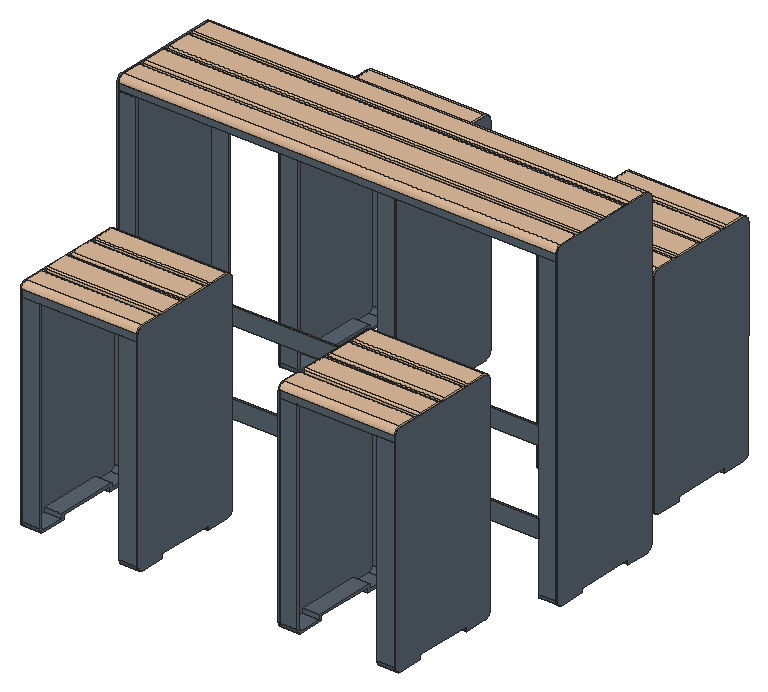
Revit family "Indre By 61120-S-L", category Meble, Revit 2021
Family settings
  Numer OmniClass = 23.40.20.00
  Tytuł OmniClass = General Furniture and Specialties
  Oparty na płaszczyźnie roboczej = Nie
  Zawsze pionowo = Tak
  Tnij formami wycięć po wczytaniu = Nie
  Współdzielony = Nie
  Punkt obliczania pomieszczeń = Nie
Parameters (values of type "61111-S-L")
  wood = Kobenhagen Wood - Larch
  metal = Kobenhagen RAL 5011
  Width = "150 cm"
  Weight = "180 kg"
  URL = "https://kobenhagen.com/en_US/p/Indre-By-Bar-Set/221"
  Seat hight = "75 cm"
  Product line = "Indre By"
  Product Groups = "Sets"
  Producent = "Lars Laj"
  Keynote = ""
  Opis = "Indre By Bar Set"
  Model = "61120-S-L"
  Material = "Larch, stainless steel, powder coated steel"
  Maintenance = "We recommend to examine and tighten all screws and bolt clamps after a few weeks’ use. In order to prevent cracks and to extend the life of the wood, it is recommended that the wood details should be oiled every 3-5 years."
  Lenght = "150 cm"
  Type Comments = ""
  Kobenhagen Materials = "larslaj.com/bim"
  Hosted on larslaj.com = "https://larslaj.com/bim"
  Height = "110 cm"
  Domyślna rzędna = 0 mm
  Copyright = "All designs and drawings are the intellectual property of Lars Laj A/S and are protected by Danish and international copyright laws."
Reference planes
  plane 1 "front": y = 0
  plane 2: z = 0
  plane 3 "Środek (Lewa/Prawa)": x = 0
  plane 4 "left": x = -745.625
  plane 5 "right": x = 745.938
  plane 6 "back": y = 400
  plane 7: x = -685.625
  plane 8: x = 685.937
  plane 9: z = 1057.23
Forms (mm)
  Extrusion 1, solid, material "Kobenhagen Wood - Larch" <- "wood"
    sketch origin (0, -51.281, 670.21) x (0, 1, 0) y (0, 0, 1)
      loop
        arc (263.304, 429.703) -> (259.768, 428.239) -> (258.304, 424.703) r 5
        line (258.304, 424.703) -> (258.304, 388.972)
        arc (258.304, 388.972) -> (258.878, 387.586) -> (260.264, 387.012) r 1.96
        line (260.264, 387.012) -> (346.304, 387.012)
        arc (346.304, 387.012) -> (347.718, 387.598) -> (348.304, 389.012) r 2
        line (348.304, 389.012) -> (348.304, 424.703)
        arc (348.304, 424.703) -> (346.839, 428.239) -> (343.304, 429.703) r 5
        line (343.304, 429.703) -> (263.304, 429.703)
    from -745.625 to 745.937
  Extrusion 2, solid, material "Kobenhagen Wood - Larch" <- "wood"
    sketch origin (0, -153.73, 670.21) x (0, 1, 0) y (0, 0, 1)
      loop
        arc (263.253, 429.703) -> (259.718, 428.239) -> (258.253, 424.703) r 5
        line (258.253, 424.703) -> (258.253, 388.972)
        arc (258.253, 388.972) -> (258.827, 387.586) -> (260.213, 387.012) r 1.96
        line (260.213, 387.012) -> (346.253, 387.012)
        arc (346.253, 387.012) -> (347.668, 387.598) -> (348.253, 389.012) r 2
        line (348.253, 389.012) -> (348.253, 424.703)
        arc (348.253, 424.703) -> (346.789, 428.239) -> (343.253, 429.703) r 5
        line (343.253, 429.703) -> (263.253, 429.703)
    from -745.625 to 745.937
  Extrusion 3, solid, material "Kobenhagen Wood - Larch" <- "wood"
    sketch origin (0, -256.23, 670.21) x (0, 1, 0) y (0, 0, 1)
      loop
        arc (275.801, 429.704) -> (261.616, 423.828) -> (255.74, 409.642) r 20.061
        line (255.74, 409.642) -> (258.916, 409.642) -> (258.916, 387.013) -> (343.754, 387.013)
        arc (343.754, 387.013) -> (345.168, 387.598) -> (345.753, 389.012) r 1.999
        line (345.753, 389.012) -> (345.753, 424.706)
        arc (345.753, 424.706) -> (344.29, 428.24) -> (340.756, 429.704) r 4.998
        line (340.756, 429.704) -> (275.801, 429.704)
    from -745.625 to 745.937
  Extrusion 4, solid, material "Kobenhagen RAL 5011" <- "metal", not visible
    sketch origin (0, 0, 0) x (0, 1, 0) y (0, 0, 1)
      loop
        arc (71.187, 451.5) -> (57.045, 445.642) -> (51.187, 431.5) r 20
        line (51.187, 431.5) -> (51.187, 18.231)
        arc (51.187, 18.231) -> (56.527, 5.34) -> (69.418, 0) r 18.231
        line (69.418, 0) -> (153.638, 0) -> (153.638, 15) -> (448.638, 15) -> (448.638, 0) -> (527.023, 0)
        arc (527.023, 0) -> (542.307, 6.331) -> (548.638, 21.615) r 21.615
        line (548.638, 21.615) -> (548.638, 429.407)
        arc (548.638, 429.407) -> (542.168, 445.029) -> (526.545, 451.5) r 22.093
        line (526.545, 451.5) -> (71.187, 451.5)
    from 750.378 to 745
  Extrusion 5, solid, material "Kobenhagen RAL 5011" <- "metal", not visible
    sketch origin (0, 0, 0) x (0, 1, 0) y (0, 0, 1)
      loop
        line (548.638, 396.844) -> (629.375, 854.725) -> (601.836, 859.581)
        arc (601.836, 859.581) -> (585.224, 855.898) -> (576.082, 841.547) r 22.232
        line (576.082, 841.547) -> (507.306, 451.5) -> (526.545, 451.5)
        arc (526.545, 451.5) -> (542.168, 445.029) -> (548.638, 429.407) r 22.093
        line (548.638, 429.407) -> (548.638, 396.844)
    from 745 to 750.378
  Extrusion 6, solid, material "Kobenhagen RAL 5011" <- "metal"
    sketch origin (0, -51.25, 0) x (0, -1, 0) y (0, 0, 1)
      loop
        line (-71.187, 1099.913) -> (-429.045, 1099.913)
        arc (-429.045, 1099.913) -> (-444.668, 1093.442) -> (-451.138, 1077.82) r 22.093
        line (-451.138, 1077.82) -> (-451.138, 21.615)
        arc (-451.138, 21.615) -> (-444.807, 6.331) -> (-429.523, 0) r 21.615
        line (-429.523, 0) -> (-351.138, 0) -> (-351.138, 15) -> (-153.638, 15) -> (-153.638, 0) -> (-69.418, 0)
        arc (-69.418, 0) -> (-56.527, 5.34) -> (-51.187, 18.231) r 18.231
        line (-51.187, 18.231) -> (-51.187, 1079.913)
        arc (-51.187, 1079.913) -> (-57.045, 1094.055) -> (-71.187, 1099.913) r 20
    from 750.725 to 745.625
  Extrusion 7, solid, material "Kobenhagen RAL 5011" <- "metal"
    sketch origin (0, -51.25, 0) x (0, 1, 0) y (0, 0, 1)
      loop
        line (451.138, 23.296) -> (451.138, 1054.5) -> (51.187, 1054.5) -> (51.187, 18.763)
        arc (51.187, 18.763) -> (56.683, 5.495) -> (69.95, 0) r 18.763
        line (69.95, 0) -> (153.638, 0) -> (153.638, 15) -> (351.138, 15) -> (351.138, 0) -> (427.842, 0)
        arc (427.842, 0) -> (444.315, 6.823) -> (451.138, 23.296) r 23.296
      loop
        line (58.687, 1048.5) -> (58.687, 18.763)
        arc (58.687, 18.763) -> (61.986, 10.799) -> (69.95, 7.5) r 11.263
        line (69.95, 7.5) -> (146.138, 7.5) -> (146.138, 22.5) -> (358.638, 22.5) -> (358.638, 7.5) -> (427.842, 7.5)
        arc (427.842, 7.5) -> (439.012, 12.127) -> (443.638, 23.296) r 15.796
        line (443.638, 23.296) -> (443.638, 1048.5) -> (58.687, 1048.5)
    from -745.625 to -685.625
  Extrusion 8, solid, material "Kobenhagen RAL 5011" <- "metal"
    sketch origin (0, -51.25, 648.75) x (0, 1, 0) y (0, 0, 1)
      loop
        line (53.936, 431.102) -> (51.187, 431.102) -> (51.187, 407.787) -> (53.936, 407.787) -> (53.936, 431.102)
    from -745.625 to 745.937
  Extrusion 9, solid, material "Kobenhagen Wood - Larch" <- "wood"
    sketch origin (0, 655.254, 670.21) x (0, -1, 0) y (0, 0, -1)
      loop
        line (275.801, -429.704) -> (340.733, -429.704)
        arc (340.733, -429.704) -> (344.267, -428.24) -> (345.731, -424.706) r 4.998
        line (345.731, -424.706) -> (345.731, -389.012)
        arc (345.731, -389.012) -> (345.145, -387.598) -> (343.731, -387.013) r 1.999
        line (343.731, -387.013) -> (258.705, -387.013) -> (258.705, -409.642) -> (255.74, -409.642)
        arc (255.74, -409.642) -> (261.616, -423.828) -> (275.801, -429.704) r 20.061
    from -745.625 to 745.938
  Extrusion 10, solid, material "Kobenhagen RAL 5011" <- "metal"
    sketch origin (0, 450.485, 648.75) x (0, -1, 0) y (0, 0, -1)
      loop
        line (53.936, -431.102) -> (53.936, -407.787) -> (51.187, -407.787) -> (51.187, -431.102) -> (53.936, -431.102)
    from -745.625 to 745.938
  Extrusion 11, solid, material "Kobenhagen RAL 5011" <- "metal"
    sketch origin (0, 392.5, 0) x (1, 0, 0) y (0, 1, 0)
      loop
        line (-685.625, 7.437) -> (-685.625, -0.063) -> (685.937, -0.063) -> (685.937, 7.437) -> (-685.625, 7.437)
    from 189.995 to 249.995
  Extrusion 12, solid, material "Kobenhagen RAL 5011" <- "metal"
    sketch origin (0, -51.25, 0) x (0, -1, 0) y (0, 0, -1)
      loop
        arc (-71.187, -1099.913) -> (-57.045, -1094.055) -> (-51.187, -1079.913) r 20
        line (-51.187, -1079.913) -> (-51.187, -18.231)
        arc (-51.187, -18.231) -> (-56.527, -5.34) -> (-69.418, 0) r 18.231
        line (-69.418, 0) -> (-153.638, 0) -> (-153.638, -15) -> (-351.138, -15) -> (-351.138, 0) -> (-429.523, 0)
        arc (-429.523, 0) -> (-444.807, -6.331) -> (-451.138, -21.615) r 21.615
        line (-451.138, -21.615) -> (-451.138, -1077.82)
        arc (-451.138, -1077.82) -> (-444.668, -1093.442) -> (-429.045, -1099.913) r 22.093
        line (-429.045, -1099.913) -> (-71.187, -1099.913)
    from 750.725 to 745.625
  Extrusion 13, solid, material "Kobenhagen RAL 5011" <- "metal"
    sketch origin (0, -51.25, 0) x (0, 1, 0) y (0, 0, -1)
      loop
        arc (451.138, -23.296) -> (444.315, -6.823) -> (427.842, 0) r 23.296
        line (427.842, 0) -> (351.138, 0) -> (351.138, -15) -> (153.638, -15) -> (153.638, 0) -> (69.95, 0)
        arc (69.95, 0) -> (56.683, -5.495) -> (51.187, -18.763) r 18.763
        line (51.187, -18.763) -> (51.187, -1054.5) -> (451.138, -1054.5) -> (451.138, -23.296)
      loop
        line (58.687, -1048.5) -> (443.638, -1048.5) -> (443.638, -23.296)
        arc (443.638, -23.296) -> (439.012, -12.127) -> (427.842, -7.5) r 15.796
        line (427.842, -7.5) -> (358.638, -7.5) -> (358.638, -22.5) -> (146.138, -22.5) -> (146.138, -7.5) -> (69.95, -7.5)
        arc (69.95, -7.5) -> (61.986, -10.799) -> (58.687, -18.763) r 11.263
        line (58.687, -18.763) -> (58.687, -1048.5)
    from -745.625 to -685.625
  Extrusion 14, solid, material "Kobenhagen RAL 5011" <- "metal"
    sketch origin (0, 0, 0) x (1, 0, 0) y (0, 1, 0)
      loop
        line (-685.625, 7.437) -> (-685.625, -0.063) -> (685.937, -0.063) -> (685.937, 7.437) -> (-685.625, 7.437)
    from 189.995 to 249.995
Lines and regions (mm)
  model lines, style "9"
    curve 1: line (264.233, -99.489, 0) -> (264.233, -93.489, 0)
    curve 2: line (264.233, -399.489, 0) -> (264.233, -405.489, 0)
    curve 3: line (-304.767, -99.489, 0) -> (-304.767, -93.489, 0)
    curve 4: line (-304.767, -399.489, 0) -> (-304.767, -405.489, 0)
    curve 5: line (-281.767, -99.489, 0) -> (-281.767, -93.489, 0)
    curve 6: line (-281.767, -399.489, 0) -> (-281.767, -405.489, 0)
    curve 9: line (0, -245.5, 21) -> (0, -239.5, 21)
    curve 10: line (0, -445.5, 21) -> (0, -451.5, 21)
  model lines, style "8"
    curve 7: line (0, -170.5, 1054) -> (0, -158, 1054)
    curve 8: line (0, -170.5, 1054) -> (0, -158, 1054)
Dimensions and locks
  Extrusion 1 sketch curve to Extrusion 1 sketch curve = 90 mm
  Extrusion 1 sketch curve to Extrusion 1 sketch curve = 42.691 mm
  Extrusion 2 sketch curve to Extrusion 2 sketch curve = 90 mm
  Extrusion 2 sketch curve to Extrusion 2 sketch curve = 42.691 mm
  Extrusion 3 sketch curve to Extrusion 3 sketch curve = 42.691 mm
  Extrusion 9 sketch curve to Extrusion 9 sketch curve = 42.691 mm
  plane 6 "back" to plane 1 "front" = 400 mm
  aligned and locked: level to plane 2
  aligned and locked: plane 5 "right" to Extrusion 1
  aligned and locked: Extrusion 1 to plane 4 "left"
  aligned and locked: plane 5 "right" to Extrusion 2
  aligned and locked: plane 5 "right" to Extrusion 3
  aligned and locked: Extrusion 2 to plane 4 "left"
  aligned and locked: Extrusion 3 to plane 4 "left"
  aligned and locked: plane 4 "left" to Extrusion 6
  aligned and locked: Extrusion 7 to plane 4 "left"
  aligned and locked: plane 7 to Extrusion 7
  aligned and locked: Extrusion 8 to plane 4 "left"
  aligned and locked: plane 5 "right" to Extrusion 8
  aligned and locked: plane 5 "right" to Extrusion 9
  aligned and locked: Extrusion 10 to plane 4 "left"
  aligned and locked: plane 5 "right" to Extrusion 10
  aligned and locked: Extrusion 11 to plane 8
Nested families
  nested 1: "product code 61110-S-L" at (-439.685, -550.427, 0), type "61110-S-L"
  nested 2: "product code 61110-S-L" at (439.685, -550.427, 0), type "61110-S-L"
  nested 3: "product code 61110-S-L" at (439.685, 550.427, 0), type "61110-S-L"
  nested 4: "product code 61110-S-L" at (-439.685, 550.427, 0), type "61110-S-L"
Definition of nested family "product code 61110-S-L"
  Parameters (values of type "61110-S-L")
    wood = none
    metal = none
    Width = "40 cm"
    Weight = "30 kg"
    URL = "https://kobenhagen.com/en_US/p/Indre-By-Bar-Stool/211"
    Product line = "Indre By"
    Product Groups = "Stools"
    Manufacturer = "Lars Laj"
    Keynote = ""
    Description = "Indre By Bar Stool"
    Model = "61110-S-L"
    Material = "Larch, stainless steel, powder coated steel"
    Maintenance = "We recommend to examine and tighten all screws and bolt clamps after a few weeks’ use. In order to prevent cracks and to extend the life of the wood, it is recommended that the wood details should be oiled every 3-5 years."
    Lenght = "40 cm"
    Type Comments = ""
    Kobenhagen Materials = "larslaj.com/bim"
    Hosted on larslaj.com = "https://larslaj.com/bim"
    Height = "75 cm"
    Default Elevation = 0 mm
    Copyright = "All designs and drawings are the intellectual property of Lars Laj A/S and are protected by Danish and international copyright laws."
  Reference planes
    plane 1 "front": y = 0
    plane 2: z = 0
    plane 3 "Środek (Lewa/Prawa)": x = 0
    plane 4 "left": x = -196.25
    plane 5 "right": x = 195.938
    plane 6 "back": y = 400
    plane 7: x = -136.25
    plane 8: x = 135.937
    plane 9: z = 706.5
  Forms (mm)
    Extrusion 1, solid, material <- "wood"
      sketch origin (0, -51.281, 318.96) x (0, 1, 0) y (0, 0, 1)
        loop
          arc (263.304, 429.703) -> (259.768, 428.239) -> (258.304, 424.703) r 5
          line (258.304, 424.703) -> (258.304, 388.972)
          arc (258.304, 388.972) -> (258.878, 387.586) -> (260.264, 387.012) r 1.96
          line (260.264, 387.012) -> (346.304, 387.012)
          arc (346.304, 387.012) -> (347.718, 387.598) -> (348.304, 389.012) r 2
          line (348.304, 389.012) -> (348.304, 424.703)
          arc (348.304, 424.703) -> (346.839, 428.239) -> (343.304, 429.703) r 5
          line (343.304, 429.703) -> (263.304, 429.703)
      from -196.25 to 195.937
    Extrusion 2, solid, material <- "wood"
      sketch origin (0, -153.73, 318.96) x (0, 1, 0) y (0, 0, 1)
        loop
          arc (263.253, 429.703) -> (259.718, 428.239) -> (258.253, 424.703) r 5
          line (258.253, 424.703) -> (258.253, 388.972)
          arc (258.253, 388.972) -> (258.827, 387.586) -> (260.213, 387.012) r 1.96
          line (260.213, 387.012) -> (346.253, 387.012)
          arc (346.253, 387.012) -> (347.668, 387.598) -> (348.253, 389.012) r 2
          line (348.253, 389.012) -> (348.253, 424.703)
          arc (348.253, 424.703) -> (346.789, 428.239) -> (343.253, 429.703) r 5
          line (343.253, 429.703) -> (263.253, 429.703)
      from -196.25 to 195.937
    Extrusion 3, solid, material <- "wood"
      sketch origin (0, -256.23, 318.96) x (0, 1, 0) y (0, 0, 1)
        loop
          arc (275.801, 429.704) -> (261.616, 423.828) -> (255.74, 409.642) r 20.061
          line (255.74, 409.642) -> (258.916, 409.642) -> (258.916, 387.013) -> (343.754, 387.013)
          arc (343.754, 387.013) -> (345.168, 387.598) -> (345.753, 389.012) r 1.999
          line (345.753, 389.012) -> (345.753, 424.706)
          arc (345.753, 424.706) -> (344.29, 428.24) -> (340.756, 429.704) r 4.998
          line (340.756, 429.704) -> (275.801, 429.704)
      from -196.25 to 195.937
    Extrusion 4, solid, material <- "metal", not visible
      sketch origin (0, 0, 0) x (0, 1, 0) y (0, 0, 1)
        loop
          arc (71.187, 451.5) -> (57.045, 445.642) -> (51.187, 431.5) r 20
          line (51.187, 431.5) -> (51.187, 18.231)
          arc (51.187, 18.231) -> (56.527, 5.34) -> (69.418, 0) r 18.231
          line (69.418, 0) -> (153.638, 0) -> (153.638, 15) -> (448.638, 15) -> (448.638, 0) -> (527.023, 0)
          arc (527.023, 0) -> (542.307, 6.331) -> (548.638, 21.615) r 21.615
          line (548.638, 21.615) -> (548.638, 429.407)
          arc (548.638, 429.407) -> (542.168, 445.029) -> (526.545, 451.5) r 22.093
          line (526.545, 451.5) -> (71.187, 451.5)
      from 750.378 to 745
    Extrusion 5, solid, material <- "metal", not visible
      sketch origin (0, 0, 0) x (0, 1, 0) y (0, 0, 1)
        loop
          line (548.638, 396.844) -> (629.375, 854.725) -> (601.836, 859.581)
          arc (601.836, 859.581) -> (585.224, 855.898) -> (576.082, 841.547) r 22.232
          line (576.082, 841.547) -> (507.306, 451.5) -> (526.545, 451.5)
          arc (526.545, 451.5) -> (542.168, 445.029) -> (548.638, 429.407) r 22.093
          line (548.638, 429.407) -> (548.638, 396.844)
      from 745 to 750.378
    Extrusion 6, solid, material <- "metal"
      sketch origin (0, -51.25, 0) x (0, -1, 0) y (0, 0, 1)
        loop
          line (-71.187, 746) -> (-429.045, 746)
          arc (-429.045, 746) -> (-444.668, 739.529) -> (-451.138, 723.907) r 22.093
          line (-451.138, 723.907) -> (-451.138, 21.615)
          arc (-451.138, 21.615) -> (-444.807, 6.331) -> (-429.523, 0) r 21.615
          line (-429.523, 0) -> (-351.138, 0) -> (-351.138, 15) -> (-153.638, 15) -> (-153.638, 0) -> (-69.418, 0)
          arc (-69.418, 0) -> (-56.527, 5.34) -> (-51.187, 18.231) r 18.231
          line (-51.187, 18.231) -> (-51.187, 726)
          arc (-51.187, 726) -> (-57.045, 740.142) -> (-71.187, 746) r 20
      from 201.04 to 196.25
    Extrusion 7, solid, material <- "metal"
      sketch origin (0, -51.25, 0) x (0, 1, 0) y (0, 0, 1)
        loop
          line (451.138, 23.296) -> (451.138, 707) -> (51.187, 707) -> (51.187, 18.763)
          arc (51.187, 18.763) -> (56.683, 5.495) -> (69.95, 0) r 18.763
          line (69.95, 0) -> (153.638, 0) -> (153.638, 15) -> (351.138, 15) -> (351.138, 0) -> (427.842, 0)
          arc (427.842, 0) -> (444.315, 6.823) -> (451.138, 23.296) r 23.296
        loop
          line (58.687, 701) -> (58.687, 18.763)
          arc (58.687, 18.763) -> (61.986, 10.799) -> (69.95, 7.5) r 11.263
          line (69.95, 7.5) -> (146.138, 7.5) -> (146.138, 22.5) -> (358.638, 22.5) -> (358.638, 7.5) -> (427.842, 7.5)
          arc (427.842, 7.5) -> (439.012, 12.127) -> (443.638, 23.296) r 15.796
          line (443.638, 23.296) -> (443.638, 701) -> (58.687, 701)
      from -196.25 to -136.25
    Extrusion 8, solid, material <- "metal"
      sketch origin (0, -51.25, 297.5) x (0, 1, 0) y (0, 0, 1)
        loop
          line (53.936, 431.102) -> (51.187, 431.102) -> (51.187, 407.787) -> (53.936, 407.787) -> (53.936, 431.102)
      from -196.25 to 195.937
    Extrusion 9, solid, material <- "wood"
      sketch origin (0, 655.254, 318.96) x (0, -1, 0) y (0, 0, -1)
        loop
          line (275.801, -429.704) -> (340.733, -429.704)
          arc (340.733, -429.704) -> (344.267, -428.24) -> (345.731, -424.706) r 4.998
          line (345.731, -424.706) -> (345.731, -389.012)
          arc (345.731, -389.012) -> (345.145, -387.598) -> (343.731, -387.013) r 1.999
          line (343.731, -387.013) -> (258.705, -387.013) -> (258.705, -409.642) -> (255.74, -409.642)
          arc (255.74, -409.642) -> (261.616, -423.828) -> (275.801, -429.704) r 20.061
      from -196.25 to 195.938
    Extrusion 10, solid, material <- "metal"
      sketch origin (0, 450.485, 297.5) x (0, -1, 0) y (0, 0, -1)
        loop
          line (53.936, -431.102) -> (53.936, -407.787) -> (51.187, -407.787) -> (51.187, -431.102) -> (53.936, -431.102)
      from -196.25 to 195.938
    Extrusion 11, solid, material <- "metal"
      sketch origin (0, -51.25, 0) x (0, -1, 0) y (0, 0, -1)
        loop
          arc (-71.187, -746) -> (-57.045, -740.142) -> (-51.187, -726) r 20
          line (-51.187, -726) -> (-51.187, -18.231)
          arc (-51.187, -18.231) -> (-56.527, -5.34) -> (-69.418, 0) r 18.231
          line (-69.418, 0) -> (-153.638, 0) -> (-153.638, -15) -> (-351.138, -15) -> (-351.138, 0) -> (-429.523, 0)
          arc (-429.523, 0) -> (-444.807, -6.331) -> (-451.138, -21.615) r 21.615
          line (-451.138, -21.615) -> (-451.138, -723.907)
          arc (-451.138, -723.907) -> (-444.668, -739.529) -> (-429.045, -746) r 22.093
          line (-429.045, -746) -> (-71.187, -746)
      from 201.04 to 196.25
    Extrusion 12, solid, material <- "metal"
      sketch origin (0, -51.25, 0) x (0, 1, 0) y (0, 0, -1)
        loop
          arc (451.138, -23.296) -> (444.315, -6.823) -> (427.842, 0) r 23.296
          line (427.842, 0) -> (351.138, 0) -> (351.138, -15) -> (153.638, -15) -> (153.638, 0) -> (69.95, 0)
          arc (69.95, 0) -> (56.683, -5.495) -> (51.187, -18.763) r 18.763
          line (51.187, -18.763) -> (51.187, -707) -> (451.138, -707) -> (451.138, -23.296)
        loop
          line (58.687, -701) -> (443.638, -701) -> (443.638, -23.296)
          arc (443.638, -23.296) -> (439.012, -12.127) -> (427.842, -7.5) r 15.796
          line (427.842, -7.5) -> (358.638, -7.5) -> (358.638, -22.5) -> (146.138, -22.5) -> (146.138, -7.5) -> (69.95, -7.5)
          arc (69.95, -7.5) -> (61.986, -10.799) -> (58.687, -18.763) r 11.263
          line (58.687, -18.763) -> (58.687, -701)
      from -196.25 to -136.25
    Extrusion 13, solid, material <- "metal"
      sketch origin (0, 392.5, 0) x (1, 0, 0) y (0, 1, 0)
        loop
          line (-136.25, 7.437) -> (-136.25, -0.063) -> (136.25, -0.063) -> (136.25, 7.437) -> (-136.25, 7.437)
      from 189.995 to 249.995
  Lines and regions (mm)
    model lines
      curve 1: line (264.233, -99.489, 0) -> (264.233, -93.489, 0)
      curve 2: line (264.233, -399.489, 0) -> (264.233, -405.489, 0)
      curve 3: line (-304.767, -99.489, 0) -> (-304.767, -93.489, 0)
      curve 4: line (-304.767, -399.489, 0) -> (-304.767, -405.489, 0)
      curve 5: line (-281.767, -99.489, 0) -> (-281.767, -93.489, 0)
      curve 6: line (-281.767, -399.489, 0) -> (-281.767, -405.489, 0)
  Dimensions and locks
    Extrusion 1 sketch curve to Extrusion 1 sketch curve = 90 mm
    Extrusion 1 sketch curve to Extrusion 1 sketch curve = 42.691 mm
    Extrusion 2 sketch curve to Extrusion 2 sketch curve = 90 mm
    Extrusion 2 sketch curve to Extrusion 2 sketch curve = 42.691 mm
    Extrusion 3 sketch curve to Extrusion 3 sketch curve = 42.691 mm
    Extrusion 9 sketch curve to Extrusion 9 sketch curve = 42.691 mm
    plane 6 "back" to plane 1 "front" = 400 mm
    aligned and locked: level to plane 2
    aligned and locked: plane 5 "right" to Extrusion 1
    aligned and locked: Extrusion 1 to plane 4 "left"
    aligned and locked: plane 5 "right" to Extrusion 2
    aligned and locked: plane 5 "right" to Extrusion 3
    aligned and locked: Extrusion 2 to plane 4 "left"
    aligned and locked: Extrusion 3 to plane 4 "left"
    aligned and locked: plane 4 "left" to Extrusion 6
    aligned and locked: Extrusion 7 to plane 4 "left"
    aligned and locked: plane 7 to Extrusion 7
    aligned and locked: Extrusion 8 to plane 4 "left"
    aligned and locked: plane 5 "right" to Extrusion 8
